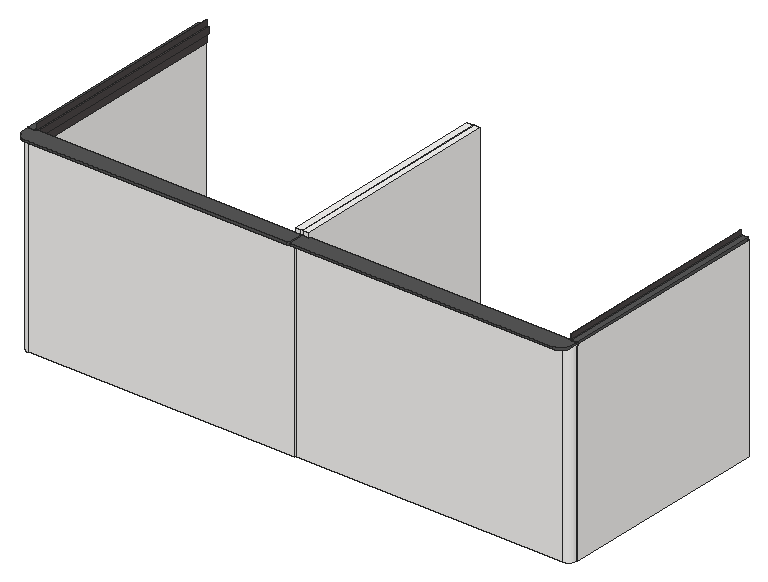
Revit family "vanity unit with 2 drawers for consoles with countertop basin ground", category Furniture, Revit 2019 (continued)
Definition of nested family "vanity unit 1560_550 with 2 drawers for consoles with countertop basin ground-54070700-high gloss white-matt_white-400_c"
  Parameters (values of type "Vanity unit 1560_550 with 2 drawers for consoles with countertop basin ground-54070700-High Gloss White-MATT_WHITE-400_C")
    SURFACE = "MATT_WHITE"
    REGIONSET = "Worldwide"
    PRODUCTURL = "https://pro.hansgrohe.com/articledetail--54070000"
    PRODUCTGROUP = "vanity unit"
    PRODUCTFAMILY = "Xelu Q"
    PERMALINK = "54070XXX"
    OMNICLASS = "23-21 19 15 33 13 | Residential Bathroom Specialty Casework"
    OBJECTTYPE = "Object (single object)"
    OBERFLAECHE = "High Gloss White"
    NN = "Vanity Unit with 2 Drawers for consoles with countertop basin ground"
    NBSYN = "$BASENUMBER.-$ARTNR.-$OBERFLAECHE.-$SURFACE.-$LODLEVEL."
    NB = "Vanity unit 1560/550 with 2 drawers for consoles with countertop basin ground-54070700-High Gloss White-MATT_WHITE-400"
    NAME = "Xelu Q Vanity unit High Gloss White 1560/550 with 2 drawers for consoles with countertop basin ground"
    Model = "Vanity unit 1560/550 with 2 drawers for consoles with countertop basin ground-54070700-High Gloss White-MATT_WHITE-400"
    Manufacturer = "Hansgrohe"
    MASTERFORMAT = "12 35 30.23 | Bathroom Casework"
    LODLEVEL = "400"
    LINA = "Vanity unit 1560/550 with 2 drawers for consoles with countertop basin ground-54070700-High Gloss White-MATT_WHITE-400"
    L = 1560
    IFC = "Furnishing element"
    GTINCODE = "4059625456255"
    ETIM = "EC011381 | Bathroom furniture set"
    Default Elevation = 1219.2 mm
    DESIGN = "Germany"
    ContentVisible [instance] = yes
    CATALOG = "Hansgrohe"
    BIMOBJECT = "Sanitary: Compound units"
    BASENUMBER = "Vanity unit 1560/550 with 2 drawers for consoles with countertop basin ground"
    ARTNR = "54070700"
  Reference planes
    plane 1 "Center (Front/Back)": y = 0
    plane 2: z = 0
    plane 3 "Center (Left/Right)": x = 0
  Forms (mm)
    Extrusion 1, solid, visible <- "ContentVisible", detail levels medium+fine
      sketch origin (0, 0, 0) x (1, 0, 0) y (0, 1, 0)
        loop
          line (-780, 0) -> (-780, -527)
          arc (-780, -527) -> (-779.121, -529.121) -> (-777, -530) r 3
          line (-777, -530) -> (-764, -530) -> (-764, 0) -> (-780, 0)
      from 0 to 480
    Extrusion 2, solid, visible <- "ContentVisible", detail levels medium+fine
      sketch origin (0, 0, 0) x (1, 0, 0) y (0, 1, 0)
        loop
          line (-764, -133) -> (-764, -499.5) -> (-16, -499.5) -> (-16, -133) -> (-764, -133)
      from 0 to 16
    Extrusion 3, solid, visible <- "ContentVisible", detail levels medium+fine
      sketch origin (0, 0, 0) x (1, 0, 0) y (0, 1, 0)
        loop
          line (-16, 0) -> (-16, -530) -> (-3, -530)
          arc (-3, -530) -> (-0.879, -529.121) -> (0, -527) r 3
          line (0, -527) -> (0, 0) -> (-16, 0)
      from 0 to 496
    Extrusion 4, solid, visible <- "ContentVisible", detail levels medium+fine
      sketch origin (0, 0, 0) x (1, 0, 0) y (0, 1, 0)
        loop
          line (0, 0) -> (0, -527)
          arc (0, -527) -> (0.879, -529.121) -> (3, -530) r 3
          line (3, -530) -> (16, -530) -> (16, 0) -> (0, 0)
      from 0 to 496
    Extrusion 5, solid, visible <- "ContentVisible", detail levels medium+fine
      sketch origin (0, 0, 0) x (1, 0, 0) y (0, 1, 0)
        loop
          line (16, -499.5) -> (764, -499.5) -> (764, -133) -> (16, -133) -> (16, -499.5)
      from 0 to 16
    Extrusion 6, solid, visible <- "ContentVisible", detail levels medium+fine
      sketch origin (0, 0, 0) x (1, 0, 0) y (0, 1, 0)
        loop
          line (764, 0) -> (764, -530) -> (777, -530)
          arc (777, -530) -> (779.121, -529.121) -> (780, -527) r 3
          line (780, -527) -> (780, 0) -> (764, 0)
      from 0 to 480
    Extrusion 7, solid, visible <- "ContentVisible", detail levels medium+fine
      sketch origin (0, 0, 0) x (1, 0, 0) y (0, 1, 0)
        loop
          line (-764, -117) -> (-764, -133) -> (764, -133) -> (764, -117) -> (-764, -117)
      from 0 to 126
    Extrusion 8, solid, visible <- "ContentVisible", detail levels medium+fine
      sketch origin (0, 0, 2) x (1, 0, 0) y (0, 1, 0)
        loop
          arc (-780, -532) -> (-774.435, -545.435) -> (-761, -551) r 19
          line (-761, -551) -> (-2.5, -551)
          arc (-2.5, -551) -> (-1.793, -550.707) -> (-1.5, -550) r 1
          line (-1.5, -550) -> (-1.5, -530) -> (-780, -530) -> (-780, -532)
      from 0 to 478
    Extrusion 9, solid, visible <- "ContentVisible", detail levels medium+fine
      sketch origin (0, 0, 2) x (1, 0, 0) y (0, 1, 0)
        loop
          arc (1.5, -550) -> (1.793, -550.707) -> (2.5, -551) r 1
          line (2.5, -551) -> (761, -551)
          arc (761, -551) -> (774.435, -545.435) -> (780, -532) r 19
          line (780, -532) -> (780, -530) -> (1.5, -530) -> (1.5, -550)
      from 0 to 478
    Extrusion 10, solid, visible <- "ContentVisible", detail levels medium+fine
      sketch origin (0, 0, 480) x (1, 0, 0) y (0, 1, 0)
        loop
          line (-778.5, -530) -> (-778.5, -546)
          arc (-778.5, -546) -> (-771.178, -563.678) -> (-753.5, -571) r 25
          line (-753.5, -571) -> (-4.5, -571)
          arc (-4.5, -571) -> (-2.379, -570.121) -> (-1.5, -568) r 3
          line (-1.5, -568) -> (-1.5, -528.5) -> (-758.5, -528.5) -> (-758.5, -530) -> (-778.5, -530)
      from 0 to 5
    Extrusion 11, solid, visible <- "ContentVisible", detail levels medium+fine
      sketch origin (0, 0, 480) x (1, 0, 0) y (0, 1, 0)
        loop
          arc (1.5, -568) -> (2.379, -570.121) -> (4.5, -571) r 3
          line (4.5, -571) -> (753.5, -571)
          arc (753.5, -571) -> (771.178, -563.678) -> (778.5, -546) r 25
          line (778.5, -546) -> (778.5, -530) -> (758.5, -530) -> (758.5, -528.5) -> (1.5, -528.5) -> (1.5, -568)
      from 0 to 5
    Extrusion 12, solid, visible <- "ContentVisible", detail levels medium+fine
      sketch origin (-1.5, 0, 0) x (0, 0, -1) y (0, 1, 0)
        loop
          line (-480, -528.5) -> (-480, -530) -> (-450, -530) -> (-450, -528.5) -> (-480, -528.5)
      from -764 to 0
    Extrusion 13, solid, visible <- "ContentVisible", detail levels medium+fine
      sketch origin (1.5, 0, 0) x (0, 0, -1) y (0, 1, 0)
        loop
          line (-480, -528.5) -> (-480, -530) -> (-450, -530) -> (-450, -528.5) -> (-480, -528.5)
      from 0 to 764
    Extrusion 14, solid, visible <- "ContentVisible", detail levels medium+fine
      sketch origin (0, 0, 0) x (1, 0, 0) y (0, 0, -1)
        loop
          line (-764, -447) -> (-764, -485) -> (-762.5, -485) -> (-762.5, -447) -> (-764, -447)
      from -528.5 to 0
    Extrusion 15, solid, visible <- "ContentVisible", detail levels medium+fine
      sketch origin (0, 0, 0) x (1, 0, 0) y (0, 0, -1)
        loop
          line (762.5, -446.8) -> (762.5, -485) -> (764, -485) -> (764, -446.8) -> (762.5, -446.8)
      from -528.5 to 0
    Extrusion 16, solid, visible <- "ContentVisible", detail levels medium+fine
      sketch origin (0, 0, 480) x (1, 0, 0) y (0, 1, 0)
        loop
          line (-780, -3) -> (-780, -527)
          arc (-780, -527) -> (-779.121, -529.121) -> (-777, -530) r 3
          line (-777, -530) -> (-764, -530) -> (-764, 0) -> (-777, 0)
          arc (-777, 0) -> (-779.121, -0.879) -> (-780, -3) r 3
      from 0 to 5
    Extrusion 17, solid, visible <- "ContentVisible", detail levels medium+fine
      sketch origin (0, 0, 480) x (1, 0, 0) y (0, 1, 0)
        loop
          line (764, 0) -> (764, -530) -> (777, -530)
          arc (777, -530) -> (779.121, -529.121) -> (780, -527) r 3
          line (780, -527) -> (780, -3)
          arc (780, -3) -> (779.121, -0.879) -> (777, 0) r 3
          line (777, 0) -> (764, 0)
      from 0 to 5
    Extrusion 18, solid, visible <- "ContentVisible", detail levels medium+fine
      sketch origin (0, 0, 0) x (1, 0, 0) y (0, 0, -1)
        loop
          line (-762.5, -447) -> (-762.5, -496) -> (-761, -496) -> (-761, -483) -> (-756.4, -483) -> (-756.4, -468.5) -> (-761, -468.5) -> (-761, -447) -> (-762.5, -447)
      from -525 to 0
    Extrusion 19, solid, visible <- "ContentVisible", detail levels medium+fine
      sketch origin (0, 0, 0) x (1, 0, 0) y (0, 0, -1)
        loop
          line (756.4, -468.5) -> (756.4, -483) -> (761, -483) -> (761, -496) -> (762.5, -496) -> (762.5, -447) -> (761, -447) -> (761, -468.5) -> (756.4, -468.5)
      from -525 to 0
    Extrusion 20, solid, visible <- "ContentVisible", detail levels medium+fine
      sketch origin (0, 0, 0) x (0, 0, -1) y (0, 1, 0)
        loop
          line (-440, -477) -> (-440, -493) -> (-366, -493) -> (-366, -477) -> (-440, -477)
      from -764 to 764
    Extrusion 21, solid, visible <- "ContentVisible", detail levels coarse
      sketch origin (0, -285.5, 0) x (1, 0, 0) y (0, 1, 0)
        loop
          line (-780, -285.5) -> (780, -285.5) -> (780, 285.5) -> (-780, 285.5) -> (-780, -285.5)
      from 0 to 496
  Dimensions and locks
    aligned and locked: level to plane 2
Definition of nested family "vanity unit 1560_550 with 2 drawers for consoles with countertop basin ground-54071000-diamond matt grey-chrome-200_cont"
  Parameters (values of type "Vanity unit 1560_550 with 2 drawers for consoles with countertop basin ground-54071000-Diamond Matt Grey-CHROME-200_Cont")
    etim7_EC011381 = "EC011381"
    WEIGHT = "49.1"
    UNSPSC = "56 | Furniture and Furnishings"
    UNIFORMATII = "E2010 | Fixed Furnishings"
    UNICLASS_2015_CODE = "40_30_78_05"
    UNICLASS2015 = "Pr_40_30_78_05 | Bathroom furniture"
    SURFACE = "CHROME"
    REGIONSET = "Worldwide"
    PRODUCTURL = "https://pro.hansgrohe.com/articledetail--54071000"
    PRODUCTGROUP = "vanity unit"
    PRODUCTFAMILY = "Xelu Q"
    PERMALINK = "54071XXX"
    OMNICLASS = "23-21 19 15 33 13 | Residential Bathroom Specialty Casework"
    OBJECTTYPE = "Object (single object)"
    OBERFLAECHE = "Diamond Matt Grey"
    NN = "Vanity Unit with 2 Drawers for consoles with countertop basin ground"
    NBSYN = "$BASENUMBER.-$ARTNR.-$OBERFLAECHE.-$SURFACE.-$LODLEVEL."
    NB = "Vanity unit 1560/550 with 2 drawers for consoles with countertop basin ground-54071000-Diamond Matt Grey-CHROME-200"
    NAME = "Xelu Q Vanity unit Diamond Matt Grey 1560/550 with 2 drawers for consoles with countertop basin ground"
    Model = "Vanity unit 1560/550 with 2 drawers for consoles with countertop basin ground-54071000-Diamond Matt Grey-CHROME-200"
    Manufacturer = "Hansgrohe"
    MASTERFORMAT = "12 35 30.23 | Bathroom Casework"
    LODLEVEL = "200"
    LINA = "Vanity unit 1560/550 with 2 drawers for consoles with countertop basin ground-54071000-Diamond Matt Grey-CHROME-200"
    L = 1560
    IFC = "Furnishing element"
    GTINCODE = "4059625456620"
    ETIM = "EC011381 | Bathroom furniture set"
    Default Elevation = 1219.2 mm
    DESIGN = "Germany"
    ContentVisible [instance] = yes
    CATALOG = "Hansgrohe"
    BIMOBJECT = "Sanitary: Compound units"
    BASENUMBER = "Vanity unit 1560/550 with 2 drawers for consoles with countertop basin ground"
    ARTNR = "54071000"
  Reference planes
    plane 1 "Center (Front/Back)": y = 0
    plane 2: z = 0
    plane 3 "Center (Left/Right)": x = 0
  Forms (mm)
    Extrusion 1, solid, visible <- "ContentVisible", detail levels medium+fine
      sketch origin (0, 0, 0) x (1, 0, 0) y (0, 1, 0)
        loop
          line (-780, 0) -> (-780, -551) -> (780, -551) -> (780, 0) -> (764, 0) -> (764, -117) -> (-764, -117) -> (-764, 0) -> (-780, 0)
      from 0 to 480
    Extrusion 2, solid, visible <- "ContentVisible", detail levels medium+fine
      sketch origin (0, 0, 480) x (1, 0, 0) y (0, 1, 0)
        loop
          line (-778.5, -528.5) -> (-778.5, -571) -> (778.5, -571) -> (778.5, -528.5) -> (-778.5, -528.5)
      from 0 to 5
    Extrusion 3, solid, visible <- "ContentVisible", detail levels medium+fine
      sketch origin (0, 0, 0) x (1, 0, 0) y (0, 0, -1)
        loop
          line (-764, -447) -> (-764, -485) -> (-762.5, -485) -> (-762.5, -447) -> (-764, -447)
      from -528.5 to 0
    Extrusion 4, solid, visible <- "ContentVisible", detail levels medium+fine
      sketch origin (0, 0, 0) x (1, 0, 0) y (0, 0, -1)
        loop
          line (762.5, -446.8) -> (762.5, -485) -> (764, -485) -> (764, -446.8) -> (762.5, -446.8)
      from -528.5 to 0
    Extrusion 5, solid, visible <- "ContentVisible", detail levels medium+fine
      sketch origin (0, 0, 480) x (1, 0, 0) y (0, 1, 0)
        loop
          line (-780, 0) -> (-780, -530) -> (-764, -530) -> (-764, 0) -> (-780, 0)
      from 0 to 5
    Extrusion 6, solid, visible <- "ContentVisible", detail levels medium+fine
      sketch origin (0, 0, 480) x (1, 0, 0) y (0, 1, 0)
        loop
          line (764, 0) -> (764, -530) -> (780, -530) -> (780, 0) -> (764, 0)
      from 0 to 5
    Extrusion 7, solid, visible <- "ContentVisible", detail levels medium+fine
      sketch origin (0, 0, 0) x (1, 0, 0) y (0, 0, -1)
        loop
          line (-762.5, -447) -> (-762.5, -496) -> (-756.4, -496) -> (-756.4, -447) -> (-762.5, -447)
      from -528.5 to 0
    Extrusion 8, solid, visible <- "ContentVisible", detail levels medium+fine
      sketch origin (0, 0, 0) x (1, 0, 0) y (0, 0, -1)
        loop
          line (756.4, -447) -> (756.4, -496) -> (762.5, -496) -> (762.5, -447) -> (756.4, -447)
      from -528.5 to 0
    Extrusion 9, solid, visible <- "ContentVisible", detail levels coarse
      sketch origin (0, -285.5, 0) x (1, 0, 0) y (0, 1, 0)
        loop
          line (-780, -285.5) -> (780, -285.5) -> (780, 285.5) -> (-780, 285.5) -> (-780, -285.5)
      from 0 to 496
  Dimensions and locks
    aligned and locked: level to plane 2
Definition of nested family "vanity unit 1560_550 with 2 drawers for consoles with countertop basin ground-54071000-diamond matt grey-chrome-400_cont"
  Parameters (values of type "Vanity unit 1560_550 with 2 drawers for consoles with countertop basin ground-54071000-Diamond Matt Grey-CHROME-400_Cont")
    etim7_EC011381 = "EC011381"
    WEIGHT = "49.1"
    UNSPSC = "56 | Furniture and Furnishings"
    UNIFORMATII = "E2010 | Fixed Furnishings"
    UNICLASS_2015_CODE = "40_30_78_05"
    UNICLASS2015 = "Pr_40_30_78_05 | Bathroom furniture"
    SURFACE = "CHROME"
    REGIONSET = "Worldwide"
    PRODUCTURL = "https://pro.hansgrohe.com/articledetail--54071000"
    PRODUCTGROUP = "vanity unit"
    PRODUCTFAMILY = "Xelu Q"
    PERMALINK = "54071XXX"
    OMNICLASS = "23-21 19 15 33 13 | Residential Bathroom Specialty Casework"
    OBJECTTYPE = "Object (single object)"
    OBERFLAECHE = "Diamond Matt Grey"
    NN = "Vanity Unit with 2 Drawers for consoles with countertop basin ground"
    NBSYN = "$BASENUMBER.-$ARTNR.-$OBERFLAECHE.-$SURFACE.-$LODLEVEL."
    NB = "Vanity unit 1560/550 with 2 drawers for consoles with countertop basin ground-54071000-Diamond Matt Grey-CHROME-400"
    NAME = "Xelu Q Vanity unit Diamond Matt Grey 1560/550 with 2 drawers for consoles with countertop basin ground"
    Model = "Vanity unit 1560/550 with 2 drawers for consoles with countertop basin ground-54071000-Diamond Matt Grey-CHROME-400"
    Manufacturer = "Hansgrohe"
    MASTERFORMAT = "12 35 30.23 | Bathroom Casework"
    LODLEVEL = "400"
    LINA = "Vanity unit 1560/550 with 2 drawers for consoles with countertop basin ground-54071000-Diamond Matt Grey-CHROME-400"
    L = 1560
    IFC = "Furnishing element"
    GTINCODE = "4059625456620"
    ETIM = "EC011381 | Bathroom furniture set"
    Default Elevation = 1219.2 mm
    DESIGN = "Germany"
    ContentVisible [instance] = yes
    CATALOG = "Hansgrohe"
    BIMOBJECT = "Sanitary: Compound units"
    BASENUMBER = "Vanity unit 1560/550 with 2 drawers for consoles with countertop basin ground"
    ARTNR = "54071000"
  Reference planes
    plane 1 "Center (Front/Back)": y = 0
    plane 2: z = 0
    plane 3 "Center (Left/Right)": x = 0
  Forms (mm)
    Extrusion 1, solid, visible <- "ContentVisible", detail levels medium+fine
      sketch origin (0, 0, 0) x (1, 0, 0) y (0, 1, 0)
        loop
          line (-780, 0) -> (-780, -527)
          arc (-780, -527) -> (-779.121, -529.121) -> (-777, -530) r 3
          line (-777, -530) -> (-764, -530) -> (-764, 0) -> (-780, 0)
      from 0 to 480
    Extrusion 2, solid, visible <- "ContentVisible", detail levels medium+fine
      sketch origin (0, 0, 0) x (1, 0, 0) y (0, 1, 0)
        loop
          line (-764, -133) -> (-764, -499.5) -> (-16, -499.5) -> (-16, -133) -> (-764, -133)
      from 0 to 16
    Extrusion 3, solid, visible <- "ContentVisible", detail levels medium+fine
      sketch origin (0, 0, 0) x (1, 0, 0) y (0, 1, 0)
        loop
          line (-16, 0) -> (-16, -530) -> (-3, -530)
          arc (-3, -530) -> (-0.879, -529.121) -> (0, -527) r 3
          line (0, -527) -> (0, 0) -> (-16, 0)
      from 0 to 496
    Extrusion 4, solid, visible <- "ContentVisible", detail levels medium+fine
      sketch origin (0, 0, 0) x (1, 0, 0) y (0, 1, 0)
        loop
          line (0, 0) -> (0, -527)
          arc (0, -527) -> (0.879, -529.121) -> (3, -530) r 3
          line (3, -530) -> (16, -530) -> (16, 0) -> (0, 0)
      from 0 to 496
    Extrusion 5, solid, visible <- "ContentVisible", detail levels medium+fine
      sketch origin (0, 0, 0) x (1, 0, 0) y (0, 1, 0)
        loop
          line (16, -499.5) -> (764, -499.5) -> (764, -133) -> (16, -133) -> (16, -499.5)
      from 0 to 16
    Extrusion 6, solid, visible <- "ContentVisible", detail levels medium+fine
      sketch origin (0, 0, 0) x (1, 0, 0) y (0, 1, 0)
        loop
          line (764, 0) -> (764, -530) -> (777, -530)
          arc (777, -530) -> (779.121, -529.121) -> (780, -527) r 3
          line (780, -527) -> (780, 0) -> (764, 0)
      from 0 to 480
    Extrusion 7, solid, visible <- "ContentVisible", detail levels medium+fine
      sketch origin (0, 0, 0) x (1, 0, 0) y (0, 1, 0)
        loop
          line (-764, -117) -> (-764, -133) -> (764, -133) -> (764, -117) -> (-764, -117)
      from 0 to 126
    Extrusion 8, solid, visible <- "ContentVisible", detail levels medium+fine
      sketch origin (0, 0, 2) x (1, 0, 0) y (0, 1, 0)
        loop
          arc (-780, -532) -> (-774.435, -545.435) -> (-761, -551) r 19
          line (-761, -551) -> (-2.5, -551)
          arc (-2.5, -551) -> (-1.793, -550.707) -> (-1.5, -550) r 1
          line (-1.5, -550) -> (-1.5, -530) -> (-780, -530) -> (-780, -532)
      from 0 to 478
    Extrusion 9, solid, visible <- "ContentVisible", detail levels medium+fine
      sketch origin (0, 0, 2) x (1, 0, 0) y (0, 1, 0)
        loop
          arc (1.5, -550) -> (1.793, -550.707) -> (2.5, -551) r 1
          line (2.5, -551) -> (761, -551)
          arc (761, -551) -> (774.435, -545.435) -> (780, -532) r 19
          line (780, -532) -> (780, -530) -> (1.5, -530) -> (1.5, -550)
      from 0 to 478
    Extrusion 10, solid, visible <- "ContentVisible", detail levels medium+fine
      sketch origin (0, 0, 480) x (1, 0, 0) y (0, 1, 0)
        loop
          line (-778.5, -530) -> (-778.5, -546)
          arc (-778.5, -546) -> (-771.178, -563.678) -> (-753.5, -571) r 25
          line (-753.5, -571) -> (-4.5, -571)
          arc (-4.5, -571) -> (-2.379, -570.121) -> (-1.5, -568) r 3
          line (-1.5, -568) -> (-1.5, -528.5) -> (-758.5, -528.5) -> (-758.5, -530) -> (-778.5, -530)
      from 0 to 5
    Extrusion 11, solid, visible <- "ContentVisible", detail levels medium+fine
      sketch origin (0, 0, 480) x (1, 0, 0) y (0, 1, 0)
        loop
          arc (1.5, -568) -> (2.379, -570.121) -> (4.5, -571) r 3
          line (4.5, -571) -> (753.5, -571)
          arc (753.5, -571) -> (771.178, -563.678) -> (778.5, -546) r 25
          line (778.5, -546) -> (778.5, -530) -> (758.5, -530) -> (758.5, -528.5) -> (1.5, -528.5) -> (1.5, -568)
      from 0 to 5
    Extrusion 12, solid, visible <- "ContentVisible", detail levels medium+fine
      sketch origin (-1.5, 0, 0) x (0, 0, -1) y (0, 1, 0)
        loop
          line (-480, -528.5) -> (-480, -530) -> (-450, -530) -> (-450, -528.5) -> (-480, -528.5)
      from -764 to 0
    Extrusion 13, solid, visible <- "ContentVisible", detail levels medium+fine
      sketch origin (1.5, 0, 0) x (0, 0, -1) y (0, 1, 0)
        loop
          line (-480, -528.5) -> (-480, -530) -> (-450, -530) -> (-450, -528.5) -> (-480, -528.5)
      from 0 to 764
    Extrusion 14, solid, visible <- "ContentVisible", detail levels medium+fine
      sketch origin (0, 0, 0) x (1, 0, 0) y (0, 0, -1)
        loop
          line (-764, -447) -> (-764, -485) -> (-762.5, -485) -> (-762.5, -447) -> (-764, -447)
      from -528.5 to 0
    Extrusion 15, solid, visible <- "ContentVisible", detail levels medium+fine
      sketch origin (0, 0, 0) x (1, 0, 0) y (0, 0, -1)
        loop
          line (762.5, -446.8) -> (762.5, -485) -> (764, -485) -> (764, -446.8) -> (762.5, -446.8)
      from -528.5 to 0
    Extrusion 16, solid, visible <- "ContentVisible", detail levels medium+fine
      sketch origin (0, 0, 480) x (1, 0, 0) y (0, 1, 0)
        loop
          line (-780, -3) -> (-780, -527)
          arc (-780, -527) -> (-779.121, -529.121) -> (-777, -530) r 3
          line (-777, -530) -> (-764, -530) -> (-764, 0) -> (-777, 0)
          arc (-777, 0) -> (-779.121, -0.879) -> (-780, -3) r 3
      from 0 to 5
    Extrusion 17, solid, visible <- "ContentVisible", detail levels medium+fine
      sketch origin (0, 0, 480) x (1, 0, 0) y (0, 1, 0)
        loop
          line (764, 0) -> (764, -530) -> (777, -530)
          arc (777, -530) -> (779.121, -529.121) -> (780, -527) r 3
          line (780, -527) -> (780, -3)
          arc (780, -3) -> (779.121, -0.879) -> (777, 0) r 3
          line (777, 0) -> (764, 0)
      from 0 to 5
    Extrusion 18, solid, visible <- "ContentVisible", detail levels medium+fine
      sketch origin (0, 0, 0) x (1, 0, 0) y (0, 0, -1)
        loop
          line (-762.5, -447) -> (-762.5, -496) -> (-761, -496) -> (-761, -483) -> (-756.4, -483) -> (-756.4, -468.5) -> (-761, -468.5) -> (-761, -447) -> (-762.5, -447)
      from -525 to 0
    Extrusion 19, solid, visible <- "ContentVisible", detail levels medium+fine
      sketch origin (0, 0, 0) x (1, 0, 0) y (0, 0, -1)
        loop
          line (756.4, -468.5) -> (756.4, -483) -> (761, -483) -> (761, -496) -> (762.5, -496) -> (762.5, -447) -> (761, -447) -> (761, -468.5) -> (756.4, -468.5)
      from -525 to 0
    Extrusion 20, solid, visible <- "ContentVisible", detail levels medium+fine
      sketch origin (0, 0, 0) x (0, 0, -1) y (0, 1, 0)
        loop
          line (-440, -477) -> (-440, -493) -> (-366, -493) -> (-366, -477) -> (-440, -477)
      from -764 to 764
    Extrusion 21, solid, visible <- "ContentVisible", detail levels coarse
      sketch origin (0, -285.5, 0) x (1, 0, 0) y (0, 1, 0)
        loop
          line (-780, -285.5) -> (780, -285.5) -> (780, 285.5) -> (-780, 285.5) -> (-780, -285.5)
      from 0 to 496
  Dimensions and locks
    aligned and locked: level to plane 2
Definition of nested family "vanity unit 1560_550 with 2 drawers for consoles with countertop basin ground-54071670-diamond matt grey-matt_black-200_"
  Parameters (values of type "Vanity unit 1560_550 with 2 drawers for consoles with countertop basin ground-54071670-Diamond Matt Grey-MATT_BLACK-200_")
    etim7_EC011381 = "EC011381"
    WEIGHT = "49.1"
    UNSPSC = "56 | Furniture and Furnishings"
    UNIFORMATII = "E2010 | Fixed Furnishings"
    UNICLASS_2015_CODE = "40_30_78_05"
    UNICLASS2015 = "Pr_40_30_78_05 | Bathroom furniture"
    SURFACE = "MATT_BLACK"
    REGIONSET = "Worldwide"
    PRODUCTURL = "https://pro.hansgrohe.com/articledetail--54071000"
    PRODUCTGROUP = "vanity unit"
    PRODUCTFAMILY = "Xelu Q"
    PERMALINK = "54071XXX"
    OMNICLASS = "23-21 19 15 33 13 | Residential Bathroom Specialty Casework"
    OBJECTTYPE = "Object (single object)"
    OBERFLAECHE = "Diamond Matt Grey"
    NN = "Vanity Unit with 2 Drawers for consoles with countertop basin ground"
    NBSYN = "$BASENUMBER.-$ARTNR.-$OBERFLAECHE.-$SURFACE.-$LODLEVEL."
    NB = "Vanity unit 1560/550 with 2 drawers for consoles with countertop basin ground-54071670-Diamond Matt Grey-MATT_BLACK-200"
    NAME = "Xelu Q Vanity unit Diamond Matt Grey 1560/550 with 2 drawers for consoles with countertop basin ground"
    Model = "Vanity unit 1560/550 with 2 drawers for consoles with countertop basin ground-54071670-Diamond Matt Grey-MATT_BLACK-200"
    Manufacturer = "Hansgrohe"
    MASTERFORMAT = "12 35 30.23 | Bathroom Casework"
    LODLEVEL = "200"
    LINA = "Vanity unit 1560/550 with 2 drawers for consoles with countertop basin ground-54071670-Diamond Matt Grey-MATT_BLACK-200"
    L = 1560
    IFC = "Furnishing element"
    GTINCODE = "4059625456620"
    ETIM = "EC011381 | Bathroom furniture set"
    Default Elevation = 1219.2 mm
    DESIGN = "Germany"
    ContentVisible [instance] = yes
    CATALOG = "Hansgrohe"
    BIMOBJECT = "Sanitary: Compound units"
    BASENUMBER = "Vanity unit 1560/550 with 2 drawers for consoles with countertop basin ground"
    ARTNR = "54071670"
  Reference planes
    plane 1 "Center (Front/Back)": y = 0
    plane 2: z = 0
    plane 3 "Center (Left/Right)": x = 0
  Forms (mm)
    Extrusion 1, solid, visible <- "ContentVisible", detail levels medium+fine
      sketch origin (0, 0, 0) x (1, 0, 0) y (0, 1, 0)
        loop
          line (-780, 0) -> (-780, -551) -> (780, -551) -> (780, 0) -> (764, 0) -> (764, -117) -> (-764, -117) -> (-764, 0) -> (-780, 0)
      from 0 to 480
    Extrusion 2, solid, visible <- "ContentVisible", detail levels medium+fine
      sketch origin (0, 0, 480) x (1, 0, 0) y (0, 1, 0)
        loop
          line (-778.5, -528.5) -> (-778.5, -571) -> (778.5, -571) -> (778.5, -528.5) -> (-778.5, -528.5)
      from 0 to 5
    Extrusion 3, solid, visible <- "ContentVisible", detail levels medium+fine
      sketch origin (0, 0, 0) x (1, 0, 0) y (0, 0, -1)
        loop
          line (-764, -447) -> (-764, -485) -> (-762.5, -485) -> (-762.5, -447) -> (-764, -447)
      from -528.5 to 0
    Extrusion 4, solid, visible <- "ContentVisible", detail levels medium+fine
      sketch origin (0, 0, 0) x (1, 0, 0) y (0, 0, -1)
        loop
          line (762.5, -446.8) -> (762.5, -485) -> (764, -485) -> (764, -446.8) -> (762.5, -446.8)
      from -528.5 to 0
    Extrusion 5, solid, visible <- "ContentVisible", detail levels medium+fine
      sketch origin (0, 0, 480) x (1, 0, 0) y (0, 1, 0)
        loop
          line (-780, 0) -> (-780, -530) -> (-764, -530) -> (-764, 0) -> (-780, 0)
      from 0 to 5
    Extrusion 6, solid, visible <- "ContentVisible", detail levels medium+fine
      sketch origin (0, 0, 480) x (1, 0, 0) y (0, 1, 0)
        loop
          line (764, 0) -> (764, -530) -> (780, -530) -> (780, 0) -> (764, 0)
      from 0 to 5
    Extrusion 7, solid, visible <- "ContentVisible", detail levels medium+fine
      sketch origin (0, 0, 0) x (1, 0, 0) y (0, 0, -1)
        loop
          line (-762.5, -447) -> (-762.5, -496) -> (-756.4, -496) -> (-756.4, -447) -> (-762.5, -447)
      from -528.5 to 0
    Extrusion 8, solid, visible <- "ContentVisible", detail levels medium+fine
      sketch origin (0, 0, 0) x (1, 0, 0) y (0, 0, -1)
        loop
          line (756.4, -447) -> (756.4, -496) -> (762.5, -496) -> (762.5, -447) -> (756.4, -447)
      from -528.5 to 0
    Extrusion 9, solid, visible <- "ContentVisible", detail levels coarse
      sketch origin (0, -285.5, 0) x (1, 0, 0) y (0, 1, 0)
        loop
          line (-780, -285.5) -> (780, -285.5) -> (780, 285.5) -> (-780, 285.5) -> (-780, -285.5)
      from 0 to 496
  Dimensions and locks
    aligned and locked: level to plane 2
Definition of nested family "vanity unit 1560_550 with 2 drawers for consoles with countertop basin ground-54071670-diamond matt grey-matt_black-400_"
  Parameters (values of type "Vanity unit 1560_550 with 2 drawers for consoles with countertop basin ground-54071670-Diamond Matt Grey-MATT_BLACK-400_")
    etim7_EC011381 = "EC011381"
    WEIGHT = "49.1"
    UNSPSC = "56 | Furniture and Furnishings"
    UNIFORMATII = "E2010 | Fixed Furnishings"
    UNICLASS_2015_CODE = "40_30_78_05"
    UNICLASS2015 = "Pr_40_30_78_05 | Bathroom furniture"
    SURFACE = "MATT_BLACK"
    REGIONSET = "Worldwide"
    PRODUCTURL = "https://pro.hansgrohe.com/articledetail--54071000"
    PRODUCTGROUP = "vanity unit"
    PRODUCTFAMILY = "Xelu Q"
    PERMALINK = "54071XXX"
    OMNICLASS = "23-21 19 15 33 13 | Residential Bathroom Specialty Casework"
    OBJECTTYPE = "Object (single object)"
    OBERFLAECHE = "Diamond Matt Grey"
    NN = "Vanity Unit with 2 Drawers for consoles with countertop basin ground"
    NBSYN = "$BASENUMBER.-$ARTNR.-$OBERFLAECHE.-$SURFACE.-$LODLEVEL."
    NB = "Vanity unit 1560/550 with 2 drawers for consoles with countertop basin ground-54071670-Diamond Matt Grey-MATT_BLACK-400"
    NAME = "Xelu Q Vanity unit Diamond Matt Grey 1560/550 with 2 drawers for consoles with countertop basin ground"
    Model = "Vanity unit 1560/550 with 2 drawers for consoles with countertop basin ground-54071670-Diamond Matt Grey-MATT_BLACK-400"
    Manufacturer = "Hansgrohe"
    MASTERFORMAT = "12 35 30.23 | Bathroom Casework"
    LODLEVEL = "400"
    LINA = "Vanity unit 1560/550 with 2 drawers for consoles with countertop basin ground-54071670-Diamond Matt Grey-MATT_BLACK-400"
    L = 1560
    IFC = "Furnishing element"
    GTINCODE = "4059625456620"
    ETIM = "EC011381 | Bathroom furniture set"
    Default Elevation = 1219.2 mm
    DESIGN = "Germany"
    ContentVisible [instance] = yes
    CATALOG = "Hansgrohe"
    BIMOBJECT = "Sanitary: Compound units"
    BASENUMBER = "Vanity unit 1560/550 with 2 drawers for consoles with countertop basin ground"
    ARTNR = "54071670"
  Reference planes
    plane 1 "Center (Front/Back)": y = 0
    plane 2: z = 0
    plane 3 "Center (Left/Right)": x = 0
  Forms (mm)
    Extrusion 1, solid, visible <- "ContentVisible", detail levels medium+fine
      sketch origin (0, 0, 0) x (1, 0, 0) y (0, 1, 0)
        loop
          line (-780, 0) -> (-780, -527)
          arc (-780, -527) -> (-779.121, -529.121) -> (-777, -530) r 3
          line (-777, -530) -> (-764, -530) -> (-764, 0) -> (-780, 0)
      from 0 to 480
    Extrusion 2, solid, visible <- "ContentVisible", detail levels medium+fine
      sketch origin (0, 0, 0) x (1, 0, 0) y (0, 1, 0)
        loop
          line (-764, -133) -> (-764, -499.5) -> (-16, -499.5) -> (-16, -133) -> (-764, -133)
      from 0 to 16
    Extrusion 3, solid, visible <- "ContentVisible", detail levels medium+fine
      sketch origin (0, 0, 0) x (1, 0, 0) y (0, 1, 0)
        loop
          line (-16, 0) -> (-16, -530) -> (-3, -530)
          arc (-3, -530) -> (-0.879, -529.121) -> (0, -527) r 3
          line (0, -527) -> (0, 0) -> (-16, 0)
      from 0 to 496
    Extrusion 4, solid, visible <- "ContentVisible", detail levels medium+fine
      sketch origin (0, 0, 0) x (1, 0, 0) y (0, 1, 0)
        loop
          line (0, 0) -> (0, -527)
          arc (0, -527) -> (0.879, -529.121) -> (3, -530) r 3
          line (3, -530) -> (16, -530) -> (16, 0) -> (0, 0)
      from 0 to 496
    Extrusion 5, solid, visible <- "ContentVisible", detail levels medium+fine
      sketch origin (0, 0, 0) x (1, 0, 0) y (0, 1, 0)
        loop
          line (16, -499.5) -> (764, -499.5) -> (764, -133) -> (16, -133) -> (16, -499.5)
      from 0 to 16
    Extrusion 6, solid, visible <- "ContentVisible", detail levels medium+fine
      sketch origin (0, 0, 0) x (1, 0, 0) y (0, 1, 0)
        loop
          line (764, 0) -> (764, -530) -> (777, -530)
          arc (777, -530) -> (779.121, -529.121) -> (780, -527) r 3
          line (780, -527) -> (780, 0) -> (764, 0)
      from 0 to 480
    Extrusion 7, solid, visible <- "ContentVisible", detail levels medium+fine
      sketch origin (0, 0, 0) x (1, 0, 0) y (0, 1, 0)
        loop
          line (-764, -117) -> (-764, -133) -> (764, -133) -> (764, -117) -> (-764, -117)
      from 0 to 126
    Extrusion 8, solid, visible <- "ContentVisible", detail levels medium+fine
      sketch origin (0, 0, 2) x (1, 0, 0) y (0, 1, 0)
        loop
          arc (-780, -532) -> (-774.435, -545.435) -> (-761, -551) r 19
          line (-761, -551) -> (-2.5, -551)
          arc (-2.5, -551) -> (-1.793, -550.707) -> (-1.5, -550) r 1
          line (-1.5, -550) -> (-1.5, -530) -> (-780, -530) -> (-780, -532)
      from 0 to 478
    Extrusion 9, solid, visible <- "ContentVisible", detail levels medium+fine
      sketch origin (0, 0, 2) x (1, 0, 0) y (0, 1, 0)
        loop
          arc (1.5, -550) -> (1.793, -550.707) -> (2.5, -551) r 1
          line (2.5, -551) -> (761, -551)
          arc (761, -551) -> (774.435, -545.435) -> (780, -532) r 19
          line (780, -532) -> (780, -530) -> (1.5, -530) -> (1.5, -550)
      from 0 to 478
    Extrusion 10, solid, visible <- "ContentVisible", detail levels medium+fine
      sketch origin (0, 0, 480) x (1, 0, 0) y (0, 1, 0)
        loop
          line (-778.5, -530) -> (-778.5, -546)
          arc (-778.5, -546) -> (-771.178, -563.678) -> (-753.5, -571) r 25
          line (-753.5, -571) -> (-4.5, -571)
          arc (-4.5, -571) -> (-2.379, -570.121) -> (-1.5, -568) r 3
          line (-1.5, -568) -> (-1.5, -528.5) -> (-758.5, -528.5) -> (-758.5, -530) -> (-778.5, -530)
      from 0 to 5
    Extrusion 11, solid, visible <- "ContentVisible", detail levels medium+fine
      sketch origin (0, 0, 480) x (1, 0, 0) y (0, 1, 0)
        loop
          arc (1.5, -568) -> (2.379, -570.121) -> (4.5, -571) r 3
          line (4.5, -571) -> (753.5, -571)
          arc (753.5, -571) -> (771.178, -563.678) -> (778.5, -546) r 25
          line (778.5, -546) -> (778.5, -530) -> (758.5, -530) -> (758.5, -528.5) -> (1.5, -528.5) -> (1.5, -568)
      from 0 to 5
    Extrusion 12, solid, visible <- "ContentVisible", detail levels medium+fine
      sketch origin (-1.5, 0, 0) x (0, 0, -1) y (0, 1, 0)
        loop
          line (-480, -528.5) -> (-480, -530) -> (-450, -530) -> (-450, -528.5) -> (-480, -528.5)
      from -764 to 0
    Extrusion 13, solid, visible <- "ContentVisible", detail levels medium+fine
      sketch origin (1.5, 0, 0) x (0, 0, -1) y (0, 1, 0)
        loop
          line (-480, -528.5) -> (-480, -530) -> (-450, -530) -> (-450, -528.5) -> (-480, -528.5)
      from 0 to 764
    Extrusion 14, solid, visible <- "ContentVisible", detail levels medium+fine
      sketch origin (0, 0, 0) x (1, 0, 0) y (0, 0, -1)
        loop
          line (-764, -447) -> (-764, -485) -> (-762.5, -485) -> (-762.5, -447) -> (-764, -447)
      from -528.5 to 0
    Extrusion 15, solid, visible <- "ContentVisible", detail levels medium+fine
      sketch origin (0, 0, 0) x (1, 0, 0) y (0, 0, -1)
        loop
          line (762.5, -446.8) -> (762.5, -485) -> (764, -485) -> (764, -446.8) -> (762.5, -446.8)
      from -528.5 to 0
    Extrusion 16, solid, visible <- "ContentVisible", detail levels medium+fine
      sketch origin (0, 0, 480) x (1, 0, 0) y (0, 1, 0)
        loop
          line (-780, -3) -> (-780, -527)
          arc (-780, -527) -> (-779.121, -529.121) -> (-777, -530) r 3
          line (-777, -530) -> (-764, -530) -> (-764, 0) -> (-777, 0)
          arc (-777, 0) -> (-779.121, -0.879) -> (-780, -3) r 3
      from 0 to 5
    Extrusion 17, solid, visible <- "ContentVisible", detail levels medium+fine
      sketch origin (0, 0, 480) x (1, 0, 0) y (0, 1, 0)
        loop
          line (764, 0) -> (764, -530) -> (777, -530)
          arc (777, -530) -> (779.121, -529.121) -> (780, -527) r 3
          line (780, -527) -> (780, -3)
          arc (780, -3) -> (779.121, -0.879) -> (777, 0) r 3
          line (777, 0) -> (764, 0)
      from 0 to 5
    Extrusion 18, solid, visible <- "ContentVisible", detail levels medium+fine
      sketch origin (0, 0, 0) x (1, 0, 0) y (0, 0, -1)
        loop
          line (-762.5, -447) -> (-762.5, -496) -> (-761, -496) -> (-761, -483) -> (-756.4, -483) -> (-756.4, -468.5) -> (-761, -468.5) -> (-761, -447) -> (-762.5, -447)
      from -525 to 0
    Extrusion 19, solid, visible <- "ContentVisible", detail levels medium+fine
      sketch origin (0, 0, 0) x (1, 0, 0) y (0, 0, -1)
        loop
          line (756.4, -468.5) -> (756.4, -483) -> (761, -483) -> (761, -496) -> (762.5, -496) -> (762.5, -447) -> (761, -447) -> (761, -468.5) -> (756.4, -468.5)
      from -525 to 0
    Extrusion 20, solid, visible <- "ContentVisible", detail levels medium+fine
      sketch origin (0, 0, 0) x (0, 0, -1) y (0, 1, 0)
        loop
          line (-440, -477) -> (-440, -493) -> (-366, -493) -> (-366, -477) -> (-440, -477)
      from -764 to 764
    Extrusion 21, solid, visible <- "ContentVisible", detail levels coarse
      sketch origin (0, -285.5, 0) x (1, 0, 0) y (0, 1, 0)
        loop
          line (-780, -285.5) -> (780, -285.5) -> (780, 285.5) -> (-780, 285.5) -> (-780, -285.5)
      from 0 to 496
  Dimensions and locks
    aligned and locked: level to plane 2
Definition of nested family "vanity unit 1560_550 with 2 drawers for consoles with countertop basin ground-54071700-diamond matt grey-matt_white-200_"
  Parameters (values of type "Vanity unit 1560_550 with 2 drawers for consoles with countertop basin ground-54071700-Diamond Matt Grey-MATT_WHITE-200_")
    etim7_EC011381 = "EC011381"
    WEIGHT = "49.1"
    UNSPSC = "56 | Furniture and Furnishings"
    UNIFORMATII = "E2010 | Fixed Furnishings"
    UNICLASS_2015_CODE = "40_30_78_05"
    UNICLASS2015 = "Pr_40_30_78_05 | Bathroom furniture"
    SURFACE = "MATT_WHITE"
    REGIONSET = "Worldwide"
    PRODUCTURL = "https://pro.hansgrohe.com/articledetail--54071000"
    PRODUCTGROUP = "vanity unit"
    PRODUCTFAMILY = "Xelu Q"
    PERMALINK = "54071XXX"
    OMNICLASS = "23-21 19 15 33 13 | Residential Bathroom Specialty Casework"
    OBJECTTYPE = "Object (single object)"
    OBERFLAECHE = "Diamond Matt Grey"
    NN = "Vanity Unit with 2 Drawers for consoles with countertop basin ground"
    NBSYN = "$BASENUMBER.-$ARTNR.-$OBERFLAECHE.-$SURFACE.-$LODLEVEL."
    NB = "Vanity unit 1560/550 with 2 drawers for consoles with countertop basin ground-54071700-Diamond Matt Grey-MATT_WHITE-200"
    NAME = "Xelu Q Vanity unit Diamond Matt Grey 1560/550 with 2 drawers for consoles with countertop basin ground"
    Model = "Vanity unit 1560/550 with 2 drawers for consoles with countertop basin ground-54071700-Diamond Matt Grey-MATT_WHITE-200"
    Manufacturer = "Hansgrohe"
    MASTERFORMAT = "12 35 30.23 | Bathroom Casework"
    LODLEVEL = "200"
    LINA = "Vanity unit 1560/550 with 2 drawers for consoles with countertop basin ground-54071700-Diamond Matt Grey-MATT_WHITE-200"
    L = 1560
    IFC = "Furnishing element"
    GTINCODE = "4059625456620"
    ETIM = "EC011381 | Bathroom furniture set"
    Default Elevation = 1219.2 mm
    DESIGN = "Germany"
    ContentVisible [instance] = yes
    CATALOG = "Hansgrohe"
    BIMOBJECT = "Sanitary: Compound units"
    BASENUMBER = "Vanity unit 1560/550 with 2 drawers for consoles with countertop basin ground"
    ARTNR = "54071700"
  Reference planes
    plane 1 "Center (Front/Back)": y = 0
    plane 2: z = 0
    plane 3 "Center (Left/Right)": x = 0
  Forms (mm)
    Extrusion 1, solid, visible <- "ContentVisible", detail levels medium+fine
      sketch origin (0, 0, 0) x (1, 0, 0) y (0, 1, 0)
        loop
          line (-780, 0) -> (-780, -551) -> (780, -551) -> (780, 0) -> (764, 0) -> (764, -117) -> (-764, -117) -> (-764, 0) -> (-780, 0)
      from 0 to 480
    Extrusion 2, solid, visible <- "ContentVisible", detail levels medium+fine
      sketch origin (0, 0, 480) x (1, 0, 0) y (0, 1, 0)
        loop
          line (-778.5, -528.5) -> (-778.5, -571) -> (778.5, -571) -> (778.5, -528.5) -> (-778.5, -528.5)
      from 0 to 5
    Extrusion 3, solid, visible <- "ContentVisible", detail levels medium+fine
      sketch origin (0, 0, 0) x (1, 0, 0) y (0, 0, -1)
        loop
          line (-764, -447) -> (-764, -485) -> (-762.5, -485) -> (-762.5, -447) -> (-764, -447)
      from -528.5 to 0
    Extrusion 4, solid, visible <- "ContentVisible", detail levels medium+fine
      sketch origin (0, 0, 0) x (1, 0, 0) y (0, 0, -1)
        loop
          line (762.5, -446.8) -> (762.5, -485) -> (764, -485) -> (764, -446.8) -> (762.5, -446.8)
      from -528.5 to 0
    Extrusion 5, solid, visible <- "ContentVisible", detail levels medium+fine
      sketch origin (0, 0, 480) x (1, 0, 0) y (0, 1, 0)
        loop
          line (-780, 0) -> (-780, -530) -> (-764, -530) -> (-764, 0) -> (-780, 0)
      from 0 to 5
    Extrusion 6, solid, visible <- "ContentVisible", detail levels medium+fine
      sketch origin (0, 0, 480) x (1, 0, 0) y (0, 1, 0)
        loop
          line (764, 0) -> (764, -530) -> (780, -530) -> (780, 0) -> (764, 0)
      from 0 to 5
    Extrusion 7, solid, visible <- "ContentVisible", detail levels medium+fine
      sketch origin (0, 0, 0) x (1, 0, 0) y (0, 0, -1)
        loop
          line (-762.5, -447) -> (-762.5, -496) -> (-756.4, -496) -> (-756.4, -447) -> (-762.5, -447)
      from -528.5 to 0
    Extrusion 8, solid, visible <- "ContentVisible", detail levels medium+fine
      sketch origin (0, 0, 0) x (1, 0, 0) y (0, 0, -1)
        loop
          line (756.4, -447) -> (756.4, -496) -> (762.5, -496) -> (762.5, -447) -> (756.4, -447)
      from -528.5 to 0
    Extrusion 9, solid, visible <- "ContentVisible", detail levels coarse
      sketch origin (0, -285.5, 0) x (1, 0, 0) y (0, 1, 0)
        loop
          line (-780, -285.5) -> (780, -285.5) -> (780, 285.5) -> (-780, 285.5) -> (-780, -285.5)
      from 0 to 496
  Dimensions and locks
    aligned and locked: level to plane 2
Definition of nested family "vanity unit 1560_550 with 2 drawers for consoles with countertop basin ground-54071700-diamond matt grey-matt_white-400_"
  Parameters (values of type "Vanity unit 1560_550 with 2 drawers for consoles with countertop basin ground-54071700-Diamond Matt Grey-MATT_WHITE-400_")
    etim7_EC011381 = "EC011381"
    WEIGHT = "49.1"
    UNSPSC = "56 | Furniture and Furnishings"
    UNIFORMATII = "E2010 | Fixed Furnishings"
    UNICLASS_2015_CODE = "40_30_78_05"
    UNICLASS2015 = "Pr_40_30_78_05 | Bathroom furniture"
    SURFACE = "MATT_WHITE"
    REGIONSET = "Worldwide"
    PRODUCTURL = "https://pro.hansgrohe.com/articledetail--54071000"
    PRODUCTGROUP = "vanity unit"
    PRODUCTFAMILY = "Xelu Q"
    PERMALINK = "54071XXX"
    OMNICLASS = "23-21 19 15 33 13 | Residential Bathroom Specialty Casework"
    OBJECTTYPE = "Object (single object)"
    OBERFLAECHE = "Diamond Matt Grey"
    NN = "Vanity Unit with 2 Drawers for consoles with countertop basin ground"
    NBSYN = "$BASENUMBER.-$ARTNR.-$OBERFLAECHE.-$SURFACE.-$LODLEVEL."
    NB = "Vanity unit 1560/550 with 2 drawers for consoles with countertop basin ground-54071700-Diamond Matt Grey-MATT_WHITE-400"
    NAME = "Xelu Q Vanity unit Diamond Matt Grey 1560/550 with 2 drawers for consoles with countertop basin ground"
    Model = "Vanity unit 1560/550 with 2 drawers for consoles with countertop basin ground-54071700-Diamond Matt Grey-MATT_WHITE-400"
    Manufacturer = "Hansgrohe"
    MASTERFORMAT = "12 35 30.23 | Bathroom Casework"
    LODLEVEL = "400"
    LINA = "Vanity unit 1560/550 with 2 drawers for consoles with countertop basin ground-54071700-Diamond Matt Grey-MATT_WHITE-400"
    L = 1560
    IFC = "Furnishing element"
    GTINCODE = "4059625456620"
    ETIM = "EC011381 | Bathroom furniture set"
    Default Elevation = 1219.2 mm
    DESIGN = "Germany"
    ContentVisible [instance] = yes
    CATALOG = "Hansgrohe"
    BIMOBJECT = "Sanitary: Compound units"
    BASENUMBER = "Vanity unit 1560/550 with 2 drawers for consoles with countertop basin ground"
    ARTNR = "54071700"
  Reference planes
    plane 1 "Center (Front/Back)": y = 0
    plane 2: z = 0
    plane 3 "Center (Left/Right)": x = 0
  Forms (mm)
    Extrusion 1, solid, visible <- "ContentVisible", detail levels medium+fine
      sketch origin (0, 0, 0) x (1, 0, 0) y (0, 1, 0)
        loop
          line (-780, 0) -> (-780, -527)
          arc (-780, -527) -> (-779.121, -529.121) -> (-777, -530) r 3
          line (-777, -530) -> (-764, -530) -> (-764, 0) -> (-780, 0)
      from 0 to 480
    Extrusion 2, solid, visible <- "ContentVisible", detail levels medium+fine
      sketch origin (0, 0, 0) x (1, 0, 0) y (0, 1, 0)
        loop
          line (-764, -133) -> (-764, -499.5) -> (-16, -499.5) -> (-16, -133) -> (-764, -133)
      from 0 to 16
    Extrusion 3, solid, visible <- "ContentVisible", detail levels medium+fine
      sketch origin (0, 0, 0) x (1, 0, 0) y (0, 1, 0)
        loop
          line (-16, 0) -> (-16, -530) -> (-3, -530)
          arc (-3, -530) -> (-0.879, -529.121) -> (0, -527) r 3
          line (0, -527) -> (0, 0) -> (-16, 0)
      from 0 to 496
    Extrusion 4, solid, visible <- "ContentVisible", detail levels medium+fine
      sketch origin (0, 0, 0) x (1, 0, 0) y (0, 1, 0)
        loop
          line (0, 0) -> (0, -527)
          arc (0, -527) -> (0.879, -529.121) -> (3, -530) r 3
          line (3, -530) -> (16, -530) -> (16, 0) -> (0, 0)
      from 0 to 496
    Extrusion 5, solid, visible <- "ContentVisible", detail levels medium+fine
      sketch origin (0, 0, 0) x (1, 0, 0) y (0, 1, 0)
        loop
          line (16, -499.5) -> (764, -499.5) -> (764, -133) -> (16, -133) -> (16, -499.5)
      from 0 to 16
    Extrusion 6, solid, visible <- "ContentVisible", detail levels medium+fine
      sketch origin (0, 0, 0) x (1, 0, 0) y (0, 1, 0)
        loop
          line (764, 0) -> (764, -530) -> (777, -530)
          arc (777, -530) -> (779.121, -529.121) -> (780, -527) r 3
          line (780, -527) -> (780, 0) -> (764, 0)
      from 0 to 480
    Extrusion 7, solid, visible <- "ContentVisible", detail levels medium+fine
      sketch origin (0, 0, 0) x (1, 0, 0) y (0, 1, 0)
        loop
          line (-764, -117) -> (-764, -133) -> (764, -133) -> (764, -117) -> (-764, -117)
      from 0 to 126
    Extrusion 8, solid, visible <- "ContentVisible", detail levels medium+fine
      sketch origin (0, 0, 2) x (1, 0, 0) y (0, 1, 0)
        loop
          arc (-780, -532) -> (-774.435, -545.435) -> (-761, -551) r 19
          line (-761, -551) -> (-2.5, -551)
          arc (-2.5, -551) -> (-1.793, -550.707) -> (-1.5, -550) r 1
          line (-1.5, -550) -> (-1.5, -530) -> (-780, -530) -> (-780, -532)
      from 0 to 478
    Extrusion 9, solid, visible <- "ContentVisible", detail levels medium+fine
      sketch origin (0, 0, 2) x (1, 0, 0) y (0, 1, 0)
        loop
          arc (1.5, -550) -> (1.793, -550.707) -> (2.5, -551) r 1
          line (2.5, -551) -> (761, -551)
          arc (761, -551) -> (774.435, -545.435) -> (780, -532) r 19
          line (780, -532) -> (780, -530) -> (1.5, -530) -> (1.5, -550)
      from 0 to 478
    Extrusion 10, solid, visible <- "ContentVisible", detail levels medium+fine
      sketch origin (0, 0, 480) x (1, 0, 0) y (0, 1, 0)
        loop
          line (-778.5, -530) -> (-778.5, -546)
          arc (-778.5, -546) -> (-771.178, -563.678) -> (-753.5, -571) r 25
          line (-753.5, -571) -> (-4.5, -571)
          arc (-4.5, -571) -> (-2.379, -570.121) -> (-1.5, -568) r 3
          line (-1.5, -568) -> (-1.5, -528.5) -> (-758.5, -528.5) -> (-758.5, -530) -> (-778.5, -530)
      from 0 to 5
    Extrusion 11, solid, visible <- "ContentVisible", detail levels medium+fine
      sketch origin (0, 0, 480) x (1, 0, 0) y (0, 1, 0)
        loop
          arc (1.5, -568) -> (2.379, -570.121) -> (4.5, -571) r 3
          line (4.5, -571) -> (753.5, -571)
          arc (753.5, -571) -> (771.178, -563.678) -> (778.5, -546) r 25
          line (778.5, -546) -> (778.5, -530) -> (758.5, -530) -> (758.5, -528.5) -> (1.5, -528.5) -> (1.5, -568)
      from 0 to 5
    Extrusion 12, solid, visible <- "ContentVisible", detail levels medium+fine
      sketch origin (-1.5, 0, 0) x (0, 0, -1) y (0, 1, 0)
        loop
          line (-480, -528.5) -> (-480, -530) -> (-450, -530) -> (-450, -528.5) -> (-480, -528.5)
      from -764 to 0
    Extrusion 13, solid, visible <- "ContentVisible", detail levels medium+fine
      sketch origin (1.5, 0, 0) x (0, 0, -1) y (0, 1, 0)
        loop
          line (-480, -528.5) -> (-480, -530) -> (-450, -530) -> (-450, -528.5) -> (-480, -528.5)
      from 0 to 764
    Extrusion 14, solid, visible <- "ContentVisible", detail levels medium+fine
      sketch origin (0, 0, 0) x (1, 0, 0) y (0, 0, -1)
        loop
          line (-764, -447) -> (-764, -485) -> (-762.5, -485) -> (-762.5, -447) -> (-764, -447)
      from -528.5 to 0
    Extrusion 15, solid, visible <- "ContentVisible", detail levels medium+fine
      sketch origin (0, 0, 0) x (1, 0, 0) y (0, 0, -1)
        loop
          line (762.5, -446.8) -> (762.5, -485) -> (764, -485) -> (764, -446.8) -> (762.5, -446.8)
      from -528.5 to 0
    Extrusion 16, solid, visible <- "ContentVisible", detail levels medium+fine
      sketch origin (0, 0, 480) x (1, 0, 0) y (0, 1, 0)
        loop
          line (-780, -3) -> (-780, -527)
          arc (-780, -527) -> (-779.121, -529.121) -> (-777, -530) r 3
          line (-777, -530) -> (-764, -530) -> (-764, 0) -> (-777, 0)
          arc (-777, 0) -> (-779.121, -0.879) -> (-780, -3) r 3
      from 0 to 5
    Extrusion 17, solid, visible <- "ContentVisible", detail levels medium+fine
      sketch origin (0, 0, 480) x (1, 0, 0) y (0, 1, 0)
        loop
          line (764, 0) -> (764, -530) -> (777, -530)
          arc (777, -530) -> (779.121, -529.121) -> (780, -527) r 3
          line (780, -527) -> (780, -3)
          arc (780, -3) -> (779.121, -0.879) -> (777, 0) r 3
          line (777, 0) -> (764, 0)
      from 0 to 5
    Extrusion 18, solid, visible <- "ContentVisible", detail levels medium+fine
      sketch origin (0, 0, 0) x (1, 0, 0) y (0, 0, -1)
        loop
          line (-762.5, -447) -> (-762.5, -496) -> (-761, -496) -> (-761, -483) -> (-756.4, -483) -> (-756.4, -468.5) -> (-761, -468.5) -> (-761, -447) -> (-762.5, -447)
      from -525 to 0
    Extrusion 19, solid, visible <- "ContentVisible", detail levels medium+fine
      sketch origin (0, 0, 0) x (1, 0, 0) y (0, 0, -1)
        loop
          line (756.4, -468.5) -> (756.4, -483) -> (761, -483) -> (761, -496) -> (762.5, -496) -> (762.5, -447) -> (761, -447) -> (761, -468.5) -> (756.4, -468.5)
      from -525 to 0
    Extrusion 20, solid, visible <- "ContentVisible", detail levels medium+fine
      sketch origin (0, 0, 0) x (0, 0, -1) y (0, 1, 0)
        loop
          line (-440, -477) -> (-440, -493) -> (-366, -493) -> (-366, -477) -> (-440, -477)
      from -764 to 764
    Extrusion 21, solid, visible <- "ContentVisible", detail levels coarse
      sketch origin (0, -285.5, 0) x (1, 0, 0) y (0, 1, 0)
        loop
          line (-780, -285.5) -> (780, -285.5) -> (780, 285.5) -> (-780, 285.5) -> (-780, -285.5)
      from 0 to 496
  Dimensions and locks
    aligned and locked: level to plane 2
Definition of nested family "vanity unit 1560_550 with 2 drawers for consoles with countertop basin ground-54072000-natural oak-chrome-200_content"
  Parameters (values of type "Vanity unit 1560_550 with 2 drawers for consoles with countertop basin ground-54072000-Natural Oak-CHROME-200_Content")
    etim7_EC011381 = "EC011381"
    WEIGHT = "49.1"
    UNSPSC = "56 | Furniture and Furnishings"
    UNIFORMATII = "E2010 | Fixed Furnishings"
    UNICLASS_2015_CODE = "40_30_78_05"
    UNICLASS2015 = "Pr_40_30_78_05 | Bathroom furniture"
    SURFACE = "CHROME"
    REGIONSET = "Worldwide"
    PRODUCTURL = "https://pro.hansgrohe.com/articledetail--54072000"
    PRODUCTGROUP = "vanity unit"
    PRODUCTFAMILY = "Xelu Q"
    PERMALINK = "54072XXX"
    OMNICLASS = "23-21 19 15 33 13 | Residential Bathroom Specialty Casework"
    OBJECTTYPE = "Object (single object)"
    OBERFLAECHE = "Natural Oak"
    NN = "Vanity Unit with 2 Drawers for consoles with countertop basin ground"
    NBSYN = "$BASENUMBER.-$ARTNR.-$OBERFLAECHE.-$SURFACE.-$LODLEVEL."
    NB = "Vanity unit 1560/550 with 2 drawers for consoles with countertop basin ground-54072000-Natural Oak-CHROME-200"
    NAME = "Xelu Q Vanity unit Natural Oak 1560/550 with 2 drawers for consoles with countertop basin ground"
    Model = "Vanity unit 1560/550 with 2 drawers for consoles with countertop basin ground-54072000-Natural Oak-CHROME-200"
    Manufacturer = "Hansgrohe"
    MASTERFORMAT = "12 35 30.23 | Bathroom Casework"
    LODLEVEL = "200"
    LINA = "Vanity unit 1560/550 with 2 drawers for consoles with countertop basin ground-54072000-Natural Oak-CHROME-200"
    L = 1560
    IFC = "Furnishing element"
    GTINCODE = "4059625456590"
    ETIM = "EC011381 | Bathroom furniture set"
    Default Elevation = 1219.2 mm
    DESIGN = "Germany"
    ContentVisible [instance] = yes
    CATALOG = "Hansgrohe"
    BIMOBJECT = "Sanitary: Compound units"
    BASENUMBER = "Vanity unit 1560/550 with 2 drawers for consoles with countertop basin ground"
    ARTNR = "54072000"
  Reference planes
    plane 1 "Center (Front/Back)": y = 0
    plane 2: z = 0
    plane 3 "Center (Left/Right)": x = 0
  Forms (mm)
    Extrusion 1, solid, visible <- "ContentVisible", detail levels medium+fine
      sketch origin (0, 0, 0) x (1, 0, 0) y (0, 1, 0)
        loop
          line (-780, 0) -> (-780, -551) -> (780, -551) -> (780, 0) -> (764, 0) -> (764, -117) -> (-764, -117) -> (-764, 0) -> (-780, 0)
      from 0 to 480
    Extrusion 2, solid, visible <- "ContentVisible", detail levels medium+fine
      sketch origin (0, 0, 480) x (1, 0, 0) y (0, 1, 0)
        loop
          line (-778.5, -528.5) -> (-778.5, -571) -> (778.5, -571) -> (778.5, -528.5) -> (-778.5, -528.5)
      from 0 to 5
    Extrusion 3, solid, visible <- "ContentVisible", detail levels medium+fine
      sketch origin (0, 0, 0) x (1, 0, 0) y (0, 0, -1)
        loop
          line (-764, -447) -> (-764, -485) -> (-762.5, -485) -> (-762.5, -447) -> (-764, -447)
      from -528.5 to 0
    Extrusion 4, solid, visible <- "ContentVisible", detail levels medium+fine
      sketch origin (0, 0, 0) x (1, 0, 0) y (0, 0, -1)
        loop
          line (762.5, -446.8) -> (762.5, -485) -> (764, -485) -> (764, -446.8) -> (762.5, -446.8)
      from -528.5 to 0
    Extrusion 5, solid, visible <- "ContentVisible", detail levels medium+fine
      sketch origin (0, 0, 480) x (1, 0, 0) y (0, 1, 0)
        loop
          line (-780, 0) -> (-780, -530) -> (-764, -530) -> (-764, 0) -> (-780, 0)
      from 0 to 5
    Extrusion 6, solid, visible <- "ContentVisible", detail levels medium+fine
      sketch origin (0, 0, 480) x (1, 0, 0) y (0, 1, 0)
        loop
          line (764, 0) -> (764, -530) -> (780, -530) -> (780, 0) -> (764, 0)
      from 0 to 5
    Extrusion 7, solid, visible <- "ContentVisible", detail levels medium+fine
      sketch origin (0, 0, 0) x (1, 0, 0) y (0, 0, -1)
        loop
          line (-762.5, -447) -> (-762.5, -496) -> (-756.4, -496) -> (-756.4, -447) -> (-762.5, -447)
      from -528.5 to 0
    Extrusion 8, solid, visible <- "ContentVisible", detail levels medium+fine
      sketch origin (0, 0, 0) x (1, 0, 0) y (0, 0, -1)
        loop
          line (756.4, -447) -> (756.4, -496) -> (762.5, -496) -> (762.5, -447) -> (756.4, -447)
      from -528.5 to 0
    Extrusion 9, solid, visible <- "ContentVisible", detail levels coarse
      sketch origin (0, -285.5, 0) x (1, 0, 0) y (0, 1, 0)
        loop
          line (-780, -285.5) -> (780, -285.5) -> (780, 285.5) -> (-780, 285.5) -> (-780, -285.5)
      from 0 to 496
  Dimensions and locks
    aligned and locked: level to plane 2
Definition of nested family "vanity unit 1560_550 with 2 drawers for consoles with countertop basin ground-54072000-natural oak-chrome-400_content"
  Parameters (values of type "Vanity unit 1560_550 with 2 drawers for consoles with countertop basin ground-54072000-Natural Oak-CHROME-400_Content")
    etim7_EC011381 = "EC011381"
    WEIGHT = "49.1"
    UNSPSC = "56 | Furniture and Furnishings"
    UNIFORMATII = "E2010 | Fixed Furnishings"
    UNICLASS_2015_CODE = "40_30_78_05"
    UNICLASS2015 = "Pr_40_30_78_05 | Bathroom furniture"
    SURFACE = "CHROME"
    REGIONSET = "Worldwide"
    PRODUCTURL = "https://pro.hansgrohe.com/articledetail--54072000"
    PRODUCTGROUP = "vanity unit"
    PRODUCTFAMILY = "Xelu Q"
    PERMALINK = "54072XXX"
    OMNICLASS = "23-21 19 15 33 13 | Residential Bathroom Specialty Casework"
    OBJECTTYPE = "Object (single object)"
    OBERFLAECHE = "Natural Oak"
    NN = "Vanity Unit with 2 Drawers for consoles with countertop basin ground"
    NBSYN = "$BASENUMBER.-$ARTNR.-$OBERFLAECHE.-$SURFACE.-$LODLEVEL."
    NB = "Vanity unit 1560/550 with 2 drawers for consoles with countertop basin ground-54072000-Natural Oak-CHROME-400"
    NAME = "Xelu Q Vanity unit Natural Oak 1560/550 with 2 drawers for consoles with countertop basin ground"
    Model = "Vanity unit 1560/550 with 2 drawers for consoles with countertop basin ground-54072000-Natural Oak-CHROME-400"
    Manufacturer = "Hansgrohe"
    MASTERFORMAT = "12 35 30.23 | Bathroom Casework"
    LODLEVEL = "400"
    LINA = "Vanity unit 1560/550 with 2 drawers for consoles with countertop basin ground-54072000-Natural Oak-CHROME-400"
    L = 1560
    IFC = "Furnishing element"
    GTINCODE = "4059625456590"
    ETIM = "EC011381 | Bathroom furniture set"
    Default Elevation = 1219.2 mm
    DESIGN = "Germany"
    ContentVisible [instance] = yes
    CATALOG = "Hansgrohe"
    BIMOBJECT = "Sanitary: Compound units"
    BASENUMBER = "Vanity unit 1560/550 with 2 drawers for consoles with countertop basin ground"
    ARTNR = "54072000"
  Reference planes
    plane 1 "Center (Front/Back)": y = 0
    plane 2: z = 0
    plane 3 "Center (Left/Right)": x = 0
  Forms (mm)
    Extrusion 1, solid, visible <- "ContentVisible", detail levels medium+fine
      sketch origin (0, 0, 0) x (1, 0, 0) y (0, 1, 0)
        loop
          line (-780, 0) -> (-780, -527)
          arc (-780, -527) -> (-779.121, -529.121) -> (-777, -530) r 3
          line (-777, -530) -> (-764, -530) -> (-764, 0) -> (-780, 0)
      from 0 to 480
    Extrusion 2, solid, visible <- "ContentVisible", detail levels medium+fine
      sketch origin (0, 0, 0) x (1, 0, 0) y (0, 1, 0)
        loop
          line (-764, -133) -> (-764, -499.5) -> (-16, -499.5) -> (-16, -133) -> (-764, -133)
      from 0 to 16
    Extrusion 3, solid, visible <- "ContentVisible", detail levels medium+fine
      sketch origin (0, 0, 0) x (1, 0, 0) y (0, 1, 0)
        loop
          line (-16, 0) -> (-16, -530) -> (-3, -530)
          arc (-3, -530) -> (-0.879, -529.121) -> (0, -527) r 3
          line (0, -527) -> (0, 0) -> (-16, 0)
      from 0 to 496
